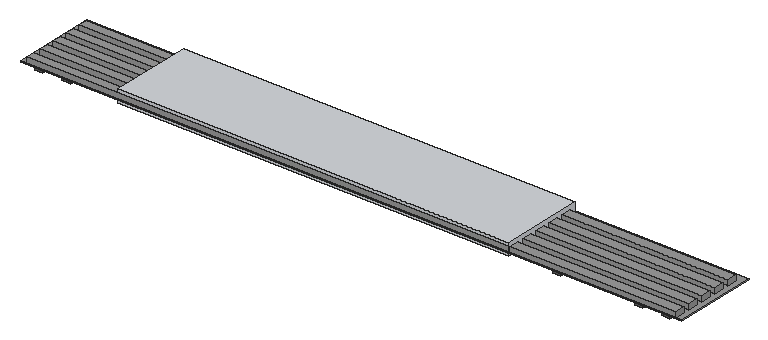
Revit family "2112-5, Veneer", category Generic Models, host Face, Revit 2020
Family settings
  Host = Face
  Can host rebar = No
  Round Connector Dimension = Use Diameter
  Part Type = Normal
  Cut with Voids When Loaded = No
  Shared = No
  Room Calculation Point = No
Parameters
  min_value [instance] = 1' - 11 1/4"  # constant formula
  max_value [instance] = 9' - 11 1/4"  # constant formula
  actual_value [instance] = if(NET LENGTH < min_value, min_value, if(NET LENGTH > max_value, max_value, NET LENGTH))  # 7' - 11 1/4"
  SCRIM MATERIAL [instance] = SCRIM
  SCRIM [instance] = yes
  NET LENGTH [instance] = 7' - 11 1/4"
  Default Elevation = 4' - 0"
  BACKER MATERIAL [instance] = BLACK-BACKERS
  .. MEMBER WIDTH [instance] = 0' - 1 3/8"  # constant formula
  .. MEMBER MATERIAL [instance] = Veneer Cherry
  .. MEMBER LENGTH [instance] = actual_value  # 7' - 11 1/4"
  .. MEMBER DEPTH [instance] = 0' - 0 3/4"  # constant formula
  .. MEMBER COUNT [instance] = 5  # constant formula
  IMPORTANT NOTE!!!                                                                             *Backer layout is for visualization purposes only, final layout to be determined by 9Wood. [instance] = ""
Reference planes (in)
  plane 1 "Center (Front/Back)": y = 0
  plane 2: z = 1.82209
  plane 3 "Center (Left/Right)": x = 0
Forms (in)
  Extrusion 1, solid
    sketch origin (132, -33.80483, 0) x (1, 0, 0) y (0, 1, 0)
      loop
        line (-118.625, 33.80483) -> (-61.26146, 33.80483) -> (-61.26146, 45.86733) -> (-118.625, 45.86733) -> (-118.625, 33.80483)
    from 1.82209 to 0
Dimensions and locks (in)
  aligned and locked: Extrusion 1 to plane 2
  aligned and locked: plane 3 "Center (Left/Right)" to nested 1
Nested families (in)
  nested 1: "1100 SERIES CONFIG" at (0, 2, 0), .. MEMBER DEPTH <- ".. MEMBER DEPTH", .. MEMBER LENGTH <- ".. MEMBER LENGTH", .. MEMBER WIDTH <- ".. MEMBER WIDTH", .. MEMBER MATERIAL <- ".. MEMBER MATERIAL", BACKING M MATERIAL <- "BACKER MATERIAL", SCRIM  MATERIAL <- "SCRIM MATERIAL", .. MEMBER COUNT <- ".. MEMBER COUNT", SCRIM <- "SCRIM", type "1100 SERIES CONFIG"
    with X 7' - 8", SCRIM OVERHANG 2 0' - 0 3/32", SCRIM OVERHANG 0' - 0 7/8", SCRIM LENGTH 8' - 1", SCRIM  MATERIAL SCRIM, SCRIM yes, NOMINAL LENGTH 7, N 8, Inset 6' - 0 3/8", INSET 0' - 1", INDEX 0' - 5 5/8", HALF MEMBER WIDTH 0' - 0 11/16", HALF LENGTH 3' - 11 5/8", END BACKER yes, BACKING M WIDTH 0' - 1 1/4", BACKING M OC SPACING 1' - 0", BACKING M MATERIAL BLACK-BACKERS, BACKING M LENGTH 0' - 11 7/8", BACKING M DEPTH 0' - 0 1/2", BACKING M COUNT 8, 3/16" INSET 0' - 0 3/16", .. MEMBER WIDTH 0' - 1 3/8", .. MEMBER OC SPACING 0' - 2.4", .. MEMBER MATERIAL Veneer Cherry, .. MEMBER LENGTH 7' - 11 1/4", .. MEMBER DEPTH 0' - 0 3/4", .. MEMBER COUNT 5
Definition of nested family "1100 SERIES CONFIG"
  Parameters (values of type "1100 SERIES CONFIG")
    X [instance] = .. MEMBER LENGTH - 0' 3 1/4"  # 5' - 5"
    SCRIM OVERHANG 2 [instance] = 0' - 0 3/32"  # constant formula
    SCRIM OVERHANG [instance] = 0' - 0 7/8"  # constant formula
    SCRIM LENGTH [instance] = .. MEMBER LENGTH + (SCRIM OVERHANG * 2)  # 5' - 10"
    SCRIM  MATERIAL [instance] = none
    SCRIM [instance] = yes
    NOMINAL LENGTH [instance] = 7
    N [instance] = if((X - (rounddown(X / 1' 0") * 1' 0")) > 1' 0", rounddown(X / 1' 0") + 2, rounddown(X / 1' 0") + 1)  # 6
    Inset [instance] = 6' - 0 3/8"  # constant formula
    INSET [instance] = 0' - 1"  # constant formula
    END BACKER [instance] = INDEX > 0' 3 5/8"  # yes
    INDEX [instance] = (.. MEMBER LENGTH - ((N - 1) * 1' 0")) / 2  # 0' - 4 1/8"
    HALF MEMBER WIDTH [instance] = .. MEMBER WIDTH / 2  # 0' - 0 5/16"
    HALF LENGTH [instance] = .. MEMBER LENGTH / 2  # 2' - 10 1/8"
    Default Elevation = 0' - 0"
    BACKING M WIDTH [instance] = 0' - 1 1/4"
    BACKING M SPACING = 3' - 3"
    BACKING M MATERIAL [instance] = none
    BACKING M LENGTH [instance] = 0' - 11 7/8"
    BACKING M DEPTH [instance] = 0' - 0 1/2"
    BACKING M COUNT [instance] = N  # 6
    BACKING M OC SPACING [instance] = 1' - 0"  # constant formula
    3/16" INSET [instance] = 0' - 0 3/16"  # constant formula
    .. MEMBER WIDTH [instance] = 0' - 0 5/8"
    .. MEMBER OC SPACING [instance] = 1' 0" / .. MEMBER COUNT  # 0' - 4"
    .. MEMBER MATERIAL [instance] = none
    .. MEMBER LENGTH [instance] = 5' - 8 1/4"
    .. MEMBER DEPTH [instance] = 0' - 1 3/8"
    .. MEMBER COUNT [instance] = 3
  Reference planes (in)
    plane 1 "Center (Front/Back)": y = -2
    plane 2: z = 0
    plane 3 "Center (Left/Right)": x = 0
    plane 4: x = 1
    plane 5: x = 4.125
    plane 6: x = 34.125
    plane 7: x = 68.25
    plane 8: x = 67.25
    plane 9: x = 16.125
    plane 10: y = -1.8125
    plane 11: y = -1.6875
    plane 12: y = 2.3125
    plane 13: x = 69.125
    plane 14: x = -0.875
    plane 15: z = 0.5
    plane 16: z = 0.5625
    plane 17: y = 10.0625
    plane 18: y = 10.15625
    plane 19: y = -2.09375
  Dimensions and locks (in)
    "INSET": plane 3 "Center (Left/Right)" to plane 4
    "INDEX": plane 3 "Center (Left/Right)" to plane 5
    "HALF LENGTH": plane 3 "Center (Left/Right)" to plane 6
    ".. MEMBER LENGTH": plane 3 "Center (Left/Right)" to plane 7
    "INSET": plane 8 to plane 7
    equal spacing: group 2, group 3, group 6, group 7, group 8, group 9  (x3)
    "3/16" INSET": plane 1 "Center (Front/Back)" to plane 10
    ".. MEMBER OC SPACING": plane 12 to plane 11
    "SCRIM OVERHANG": plane 14 to plane 3 "Center (Left/Right)"
    "SCRIM OVERHANG": plane 7 to plane 13
    equal spacing: group 1, group 4, group 5  (x2)
    equal spacing: group 5, group 4, group 1
    "HALF MEMBER WIDTH": plane 1 "Center (Front/Back)" to plane 11
    "BACKING M OC SPACING": plane 5 to plane 9
    "SCRIM OVERHANG 2": plane 18 to plane 17
    "SCRIM OVERHANG 2": plane 19 to plane 1 "Center (Front/Back)"
    aligned and locked: level to plane 2
    aligned and locked: plane 6 to nested 1
    aligned and locked: nested 2 to plane 4
    aligned and locked: plane 5 to nested 3
    aligned and locked: plane 1 "Center (Front/Back)" to nested 1
    aligned and locked: nested 2 to plane 10
    aligned and locked: nested 3 to plane 10
    aligned and locked: nested 5 to plane 10
    aligned and locked: nested 4 to plane 10
    aligned and locked: nested 6 to plane 14
    aligned and locked: plane 12 to nested 7
    aligned and locked: nested 7 to plane 3 "Center (Left/Right)"
    aligned and locked: plane 9 to nested 5
    aligned and locked: plane 8 to nested 4
    aligned and locked: plane 15 to nested 2
    aligned and locked: nested 6 to plane 15
    aligned and locked: nested 1 to plane 16
    aligned and locked: nested 7 to plane 16
    aligned and locked: nested 6 to plane 19
  Nested families (in)
    nested 1: "INSTANCE - Parametric Cube" at (34.125, -1.6875, 1.9375), Length <- ".. MEMBER WIDTH", Height <- ".. MEMBER DEPTH", Width <- ".. MEMBER LENGTH", Material <- ".. MEMBER MATERIAL", type "INSTANCE - Parametric Cube"
      with Width 5' - 8 1/4", Material none, Length 0' - 0 5/8", Height 0' - 1 3/8"
    nested 2: "2ND INSTANCE - Parametric Cube" at (1.625, 4.125, 0), Height <- "BACKING M DEPTH", Length <- "BACKING M LENGTH", Width <- "BACKING M WIDTH", Material <- "BACKING M MATERIAL", visible <- "END BACKER", type "2ND INSTANCE - Parametric Cube"
      with Width 0' - 1 1/4", Material none, Length 0' - 11 7/8", Height 0' - 0 1/2"
    nested 3: "2ND INSTANCE - Parametric Cube" at (4.125, 4.125, 0), Length <- "BACKING M LENGTH", Height <- "BACKING M DEPTH", Width <- "BACKING M WIDTH", Material <- "BACKING M MATERIAL", type "2ND INSTANCE - Parametric Cube"
      with Width 0' - 1 1/4", Material none, Length 0' - 11 7/8", Height 0' - 0 1/2"
    nested 4: "2ND INSTANCE - Parametric Cube" at (66.625, 4.125, 0), Width <- "BACKING M WIDTH", Length <- "BACKING M LENGTH", Height <- "BACKING M DEPTH", Material <- "BACKING M MATERIAL", visible <- "END BACKER", type "2ND INSTANCE - Parametric Cube"
      with Width 0' - 1 1/4", Material none, Length 0' - 11 7/8", Height 0' - 0 1/2"
    nested 5: "2ND INSTANCE - Parametric Cube" at (16.125, 4.125, 0), Length <- "BACKING M LENGTH", Height <- "BACKING M DEPTH", Width <- "BACKING M WIDTH", Material <- "BACKING M MATERIAL", type "2ND INSTANCE - Parametric Cube"
      with Width 0' - 1 1/4", Material none, Length 0' - 11 7/8", Height 0' - 0 1/2"
    nested 6: "3RD INSTANCE - Parametric Cube" at (34.125, 4.0445, 0.5), Width <- "SCRIM LENGTH", Material <- "SCRIM  MATERIAL", visible <- "SCRIM", type "3RD INSTANCE - Parametric Cube"
      with Width 5' - 10", Material none, Length 1' - 0.27649", Height 0' - 0 1/16"
    nested 7: "INSTANCE - Parametric Cube" at (34.125, 2.3125, 1.9375), Length <- ".. MEMBER WIDTH", Height <- ".. MEMBER DEPTH", Width <- ".. MEMBER LENGTH", Material <- ".. MEMBER MATERIAL", type "INSTANCE - Parametric Cube"
      with Width 5' - 8 1/4", Material none, Length 0' - 0 5/8", Height 0' - 1 3/8"
    nested 8: "INSTANCE - Parametric Cube" at (34.125, 6.3125, 1.9375), Length <- ".. MEMBER WIDTH", Height <- ".. MEMBER DEPTH", Width <- ".. MEMBER LENGTH", Material <- ".. MEMBER MATERIAL", type "INSTANCE - Parametric Cube"
      with Width 5' - 8 1/4", Material none, Length 0' - 0 5/8", Height 0' - 1 3/8"
    nested 9: "2ND INSTANCE - Parametric Cube" at (28.125, 4.125, 0), Length <- "BACKING M LENGTH", Height <- "BACKING M DEPTH", Width <- "BACKING M WIDTH", Material <- "BACKING M MATERIAL", type "2ND INSTANCE - Parametric Cube"
      with Width 0' - 1 1/4", Material none, Length 0' - 11 7/8", Height 0' - 0 1/2"
    nested 10: "2ND INSTANCE - Parametric Cube" at (40.125, 4.125, 0), Length <- "BACKING M LENGTH", Height <- "BACKING M DEPTH", Width <- "BACKING M WIDTH", Material <- "BACKING M MATERIAL", type "2ND INSTANCE - Parametric Cube"
      with Width 0' - 1 1/4", Material none, Length 0' - 11 7/8", Height 0' - 0 1/2"
    nested 11: "2ND INSTANCE - Parametric Cube" at (52.125, 4.125, 0), Length <- "BACKING M LENGTH", Height <- "BACKING M DEPTH", Width <- "BACKING M WIDTH", Material <- "BACKING M MATERIAL", type "2ND INSTANCE - Parametric Cube"
      with Width 0' - 1 1/4", Material none, Length 0' - 11 7/8", Height 0' - 0 1/2"
    nested 12: "2ND INSTANCE - Parametric Cube" at (64.125, 4.125, 0), Length <- "BACKING M LENGTH", Height <- "BACKING M DEPTH", Width <- "BACKING M WIDTH", Material <- "BACKING M MATERIAL", type "2ND INSTANCE - Parametric Cube"
      with Width 0' - 1 1/4", Material none, Length 0' - 11 7/8", Height 0' - 0 1/2"
  Definition of nested family "INSTANCE - Parametric Cube"
    Parameters (values of type "INSTANCE - Parametric Cube")
      Width [instance] = 0' - 6"
      Material [instance] = none
      Length [instance] = 1' - 0"
      Height [instance] = 1' - 6"
      Default Elevation = 0' - 0"
    Reference planes (in)
      plane 1 "Center (Front/Back)": y = 0
      plane 2: z = 0
      plane 3 "Center (Left/Right)": x = 0
      plane 4: x = -3
      plane 5: x = 3
      plane 6: y = 6
      plane 7: y = -6
      plane 8: z = -18
    Forms (in)
      Extrusion 1, solid, material <- "Material"
        sketch origin (0, 0, 0) x (1, 0, 0) y (0, 1, 0)
          loop
            line (-3, 6) -> (-3, -6) -> (3, -6) -> (3, 6) -> (-3, 6)
        from -18 to 0
    Dimensions and locks (in)
      equal spacing: plane 4, plane 3 "Center (Left/Right)", plane 5
      equal spacing: plane 6, plane 1 "Center (Front/Back)", plane 7
      "Length": plane 6 to plane 7
      "Width": plane 4 to plane 5
      "Height": plane 8 to level
      aligned and locked: plane 2 to level
      aligned and locked: Extrusion 1 sketch curve to plane 6
      aligned and locked: plane 4 to Extrusion 1 sketch curve
      aligned and locked: plane 7 to Extrusion 1 sketch curve
      aligned and locked: Extrusion 1 sketch curve to plane 5
      aligned and locked: Extrusion 1 to plane 8
  Definition of nested family "2ND INSTANCE - Parametric Cube"
    Parameters (values of type "2ND INSTANCE - Parametric Cube")
      Width [instance] = 0' - 6"
      Material [instance] = none
      Length [instance] = 1' - 0"
      Height [instance] = 1' - 6"
      Default Elevation = 0' - 0"
    Reference planes (in)
      plane 1 "Center (Front/Back)": y = 0
      plane 2: z = 0
      plane 3 "Center (Left/Right)": x = 0
      plane 4: x = -3
      plane 5: x = 3
      plane 6: y = 6
      plane 7: y = -6
      plane 8: z = 18
    Forms (in)
      Extrusion 1, solid, material <- "Material"
        sketch origin (0, 0, 0) x (1, 0, 0) y (0, 1, 0)
          loop
            line (-3, 6) -> (-3, -6) -> (3, -6) -> (3, 6) -> (-3, 6)
        from 0 to 18
    Dimensions and locks (in)
      equal spacing: plane 4, plane 3 "Center (Left/Right)", plane 5
      equal spacing: plane 6, plane 1 "Center (Front/Back)", plane 7
      "Length": plane 6 to plane 7
      "Width": plane 4 to plane 5
      "Height": level to plane 8
      aligned and locked: plane 2 to level
      aligned and locked: Extrusion 1 sketch curve to plane 6
      aligned and locked: plane 4 to Extrusion 1 sketch curve
      aligned and locked: plane 7 to Extrusion 1 sketch curve
      aligned and locked: Extrusion 1 sketch curve to plane 5
      aligned and locked: plane 8 to Extrusion 1
      aligned and locked: Extrusion 1 to level
  Definition of nested family "3RD INSTANCE - Parametric Cube"
    Parameters (values of type "3RD INSTANCE - Parametric Cube")
      Width [instance] = 0' - 6"
      Material [instance] = none
      Length [instance] = 1' - 0"
      Height [instance] = 1' - 6"
      Default Elevation = 0' - 0"
    Reference planes (in)
      plane 1 "Center (Front/Back)": y = 0
      plane 2: z = 0
      plane 3 "Center (Left/Right)": x = 0
      plane 4: x = -3
      plane 5: x = 3
      plane 6: y = 6
      plane 7: y = -6
      plane 8: z = 18
    Forms (in)
      Extrusion 1, solid, material <- "Material"
        sketch origin (0, 0, 0) x (1, 0, 0) y (0, 1, 0)
          loop
            line (-3, 6) -> (-3, -6) -> (3, -6) -> (3, 6) -> (-3, 6)
        from 0 to 18
    Dimensions and locks (in)
      equal spacing: plane 4, plane 3 "Center (Left/Right)", plane 5
      equal spacing: plane 6, plane 1 "Center (Front/Back)", plane 7
      "Length": plane 6 to plane 7
      "Width": plane 4 to plane 5
      "Height": level to plane 8
      aligned and locked: plane 2 to level
      aligned and locked: Extrusion 1 sketch curve to plane 6
      aligned and locked: plane 4 to Extrusion 1 sketch curve
      aligned and locked: plane 7 to Extrusion 1 sketch curve
      aligned and locked: Extrusion 1 sketch curve to plane 5
      aligned and locked: plane 8 to Extrusion 1
      aligned and locked: Extrusion 1 to level
